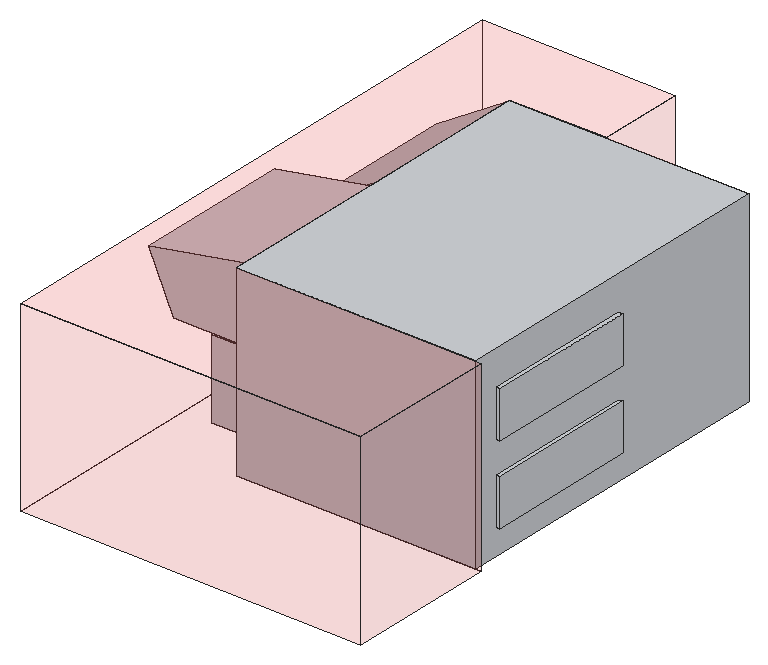
Revit family
Parameters (values of type "208 V Three Phase")
  Weight Scheduled [instance] = 965  # constant formula
  Voltage Workaround = Voltage / 1 V  # 208
  Voltage Scheduled = Voltage  # 208 V
  Voltage = 208 V
  VoltAmps Workaround [instance] = Voltage Workaround * Total FLA * sqrt(Phase)  # 10447.7305
  VoltAmps [instance] = VoltAmps Workaround * 1 VA  # 10447.7 VA
  VFD [instance] = no
  URL = "http://www.renewaire.com/_assets/files/SubmittalForms/HE4XRTCSubmittal.pdf"
  Total FLA [instance] = if(or(Supply Motor FLA = 0, Exhaust Motor FLA = 0), 0, (Supply Motor FLA * Supply Motor Count) + (Exhaust Motor FLA * Exhaust Motor Count))  # 29
  Supply Motor RPM Scheduled [instance] = Supply Motor RPM  # 1495
  Supply Motor RPM [instance] = if(and(or(Supply ESP = -0.75, Supply ESP > -0.75), Supply ESP < -0.5), if(Supply CFM > 3920 CFM, 0, if(Supply CFM > 3790 CFM, 1660, if(Supply CFM > 3724 CFM, 1605, if(Supply CFM > 3680 CFM, 1550, 1495)))), if(and(or(Supply ESP = -0.5, Supply ESP > -0.5), Supply ESP < -0.25), if(Supply CFM > 3760 CFM, 0, if(Supply CFM > 3670 CFM, 1660, if(Supply CFM > 3582 CFM, 1605, if(Supply CFM > 3500 CFM, 1550, 1495)))), if(and(or(Supply ESP = -0.25, Supply ESP > -0.25), Supply ESP < 0), if(Supply CFM > 3600 CFM, 0, if(Supply CFM > 3550 CFM, 1660, if(Supply CFM > 3440 CFM, 1605, if(Supply CFM > 3320 CFM, 1550, 1495)))), if(and(or(Supply ESP = 0, Supply ESP > 0), Supply ESP < 0.25), if(Supply CFM > 3450 CFM, 0, if(Supply CFM > 3360 CFM, 1715, if(Supply CFM > 3270 CFM, 1660, if(Supply CFM > 3190 CFM, 1605, if(Supply CFM > 3100 CFM, 1550, 1495))))), if(and(or(Supply ESP = 0.25, Supply ESP > 0.25), Supply ESP < 0.5), if(Supply CFM > 3275 CFM, 0, if(Supply CFM > 3180 CFM, 1715, if(Supply CFM > 3090 CFM, 1660, if(Supply CFM > 3010 CFM, 1605, if(Supply CFM > 2910 CFM, 1550, 1495))))), if(and(or(Supply ESP = 0.5, Supply ESP > 0.5), Supply ESP < 0.75), if(Supply CFM > 3225 CFM, 0, if(Supply CFM > 3140 CFM, 1770, if(Supply CFM > 3060 CFM, 1715, if(Supply CFM > 2970 CFM, 1660, if(Supply CFM > 2890 CFM, 1605, if(Supply CFM > 2790 CFM, 1550, 1495)))))), if(Supply ESP = 0.75, if(Supply CFM > 3245 CFM, 0, if(Supply CFM > 3125 CFM, 1825, if(Supply CFM > 3005 CFM, 1770, if(Supply CFM > 2940 CFM, 1715, if(Supply CFM > 2850 CFM, 1660, if(Supply CFM > 2770 CFM, 1605, if(Supply CFM > 2670 CFM, 1550, 1495))))))), 0)))))))  # 1495
  Supply Motor HP Scheduled [instance] = Supply Motor HP  # 5
  Supply Motor HP [instance] = 5  # constant formula
  Supply Motor FLA [instance] = if(Supply Motor BHP = 0, 0, if(Supply Motor HP = 5, if(and(or(Voltage = 208 V, Voltage = 230 V), Phase = 3), 14.5, if(and(Voltage = 460 V, Phase = 3), 6.7, if(and(Voltage = 575 V, Phase = 3), 5.3, 0))), 0))  # 14.5
  Supply Motor Count Scheduled [instance] = Supply Motor Count  # 1
  Supply Motor Count [instance] = 1  # constant formula
  Supply Motor BHP [instance] = if(and(or(Supply ESP = -0.75, Supply ESP > -0.75), Supply ESP < -0.5), if(Supply CFM > 3920 CFM, 0, if(Supply CFM > 3790 CFM, 5, if(Supply CFM > 3724 CFM, 4.6, if(Supply CFM > 3680 CFM, 4.2, 4.2)))), if(and(or(Supply ESP = -0.5, Supply ESP > -0.5), Supply ESP < -0.25), if(Supply CFM > 3760 CFM, 0, if(Supply CFM > 3670 CFM, 5, if(Supply CFM > 3582 CFM, 4.6, if(Supply CFM > 3500 CFM, 4.3, 4.1)))), if(and(or(Supply ESP = -0.25, Supply ESP > -0.25), Supply ESP < 0), if(Supply CFM > 3600 CFM, 0, if(Supply CFM > 3550 CFM, 4.7, if(Supply CFM > 3440 CFM, 4.7, if(Supply CFM > 3320 CFM, 4.5, 3.9)))), if(and(or(Supply ESP = 0, Supply ESP > 0), Supply ESP < 0.25), if(Supply CFM > 3450 CFM, 0, if(Supply CFM > 3360 CFM, 4.8, if(Supply CFM > 3270 CFM, 4.5, if(Supply CFM > 3190 CFM, 4.1, if(Supply CFM > 3100 CFM, 3.6, 3.5))))), if(and(or(Supply ESP = 0.25, Supply ESP > 0.25), Supply ESP < 0.5), if(Supply CFM > 3275 CFM, 0, if(Supply CFM > 3180 CFM, 4.6, if(Supply CFM > 3090 CFM, 4.1, if(Supply CFM > 3010 CFM, 3.7, if(Supply CFM > 2910 CFM, 3.4, 2.9))))), if(and(or(Supply ESP = 0.5, Supply ESP > 0.5), Supply ESP < 0.75), if(Supply CFM > 3225 CFM, 0, if(Supply CFM > 3140 CFM, 4.9, if(Supply CFM > 3060 CFM, 4.5, if(Supply CFM > 2970 CFM, 4, if(Supply CFM > 2890 CFM, 3.7, if(Supply CFM > 2790 CFM, 3.3, 2.8)))))), if(Supply ESP = 0.75, if(Supply CFM > 3245 CFM, 0, if(Supply CFM > 3125 CFM, 5, if(Supply CFM > 3005 CFM, 4.6, if(Supply CFM > 2940 CFM, 4.3, if(Supply CFM > 2850 CFM, 3.9, if(Supply CFM > 2770 CFM, 3.7, if(Supply CFM > 2670 CFM, 3.3, 2.8))))))), 0)))))))  # 3.5
  Supply ESP Scheduled [instance] = Supply ESP  # 0
  Supply ESP [instance] = 0
  Supply CFM Scheduled [instance] = Supply CFM  # 0 CFM
  Supply CFM [instance] = 0 CFM
  Supply Air Winter RH Scheduled [instance] = 0
  Supply Air Winter DB Scheduled [instance] = 0
  Supply Air Summer RH Scheduled [instance] = 0
  Supply Air Summer DB Scheduled [instance] = 0
  Phase Scheduled = Phase  # 3
  Phase = 3
  Outside Air Winter RH Scheduled [instance] = 0
  Outside Air Winter DB Scheduled [instance] = 0
  Outside Air Summer RH Scheduled [instance] = 0
  Outside Air Summer DB Scheduled [instance] = 0
  Number of Poles = 3
  Model = "HE4XRTC"
  Manufacturer = "RenewAire"
  MOCP Scheduled [instance] = MOCP  # 45
  MOCP [instance] = if(Total FLA = 0, 0, if(and(or(Voltage = 208 V, Voltage = 230 V), Phase = 3), 45, if(and(Voltage = 460 V, Phase = 3), 20, if(and(Voltage = 575 V, Phase = 3), 15, 0))))  # 45
  MCA Scheduled [instance] = MCA  # 32.6
  MCA [instance] = if(VFD, if(Total FLA = 0, 0, if(and(or(Voltage = 208 V, Voltage = 230 V), Phase = 3), 35.9, if(and(Voltage = 460 V, Phase = 3), 16.6, if(and(Voltage = 575 V, Phase = 3), 13.1, 0)))), if(Total FLA = 0, 0, if(and(or(Voltage = 208 V, Voltage = 230 V), Phase = 3), 32.6, if(and(Voltage = 460 V, Phase = 3), 15.1, if(and(Voltage = 575 V, Phase = 3), 11.9, 0)))))  # 32.6
  FLA Scheduled [instance] = Total FLA  # 29
  Exhaust RH Scheduled [instance] = 0
  Exhaust Motor RPM Scheduled [instance] = Exhaust Motor RPM  # 1240
  Exhaust Motor RPM [instance] = if(and(or(Exhaust ESP = -0.75, Exhaust ESP > -0.75), Exhaust ESP < -0.5), if(Exhaust CFM > 3400 CFM, 0, if(Exhaust CFM > 3275 CFM, 1510, if(Exhaust CFM > 3125 CFM, 1465, if(Exhaust CFM > 2935 CFM, 1420, if(Exhaust CFM > 2780 CFM, 1375, if(Exhaust CFM > 2685 CFM, 1330, if(Exhaust CFM > 2620 CFM, 1285, 1240))))))), if(and(or(Exhaust ESP = -0.5, Exhaust ESP > -0.5), Exhaust ESP < -0.25), if(Exhaust CFM > 3700 CFM, 0, if(Exhaust CFM > 3600 CFM, 1510, if(Exhaust CFM > 3450 CFM, 1465, if(Exhaust CFM > 3300 CFM, 1420, if(Exhaust CFM > 3150 CFM, 1375, if(Exhaust CFM > 3050 CFM, 1330, if(Exhaust CFM > 2950 CFM, 1285, 1240))))))), if(and(or(Exhaust ESP = -0.25, Exhaust ESP > -0.25), Exhaust ESP < 0), if(Exhaust CFM > 4000 CFM, 0, if(Exhaust CFM > 3925 CFM, 1510, if(Exhaust CFM > 3775 CFM, 1465, if(Exhaust CFM > 3665 CFM, 1420, if(Exhaust CFM > 3520 CFM, 1375, if(Exhaust CFM > 3415 CFM, 1330, if(Exhaust CFM > 3280 CFM, 1285, 1240))))))), if(and(or(Exhaust ESP = 0, Exhaust ESP > 0), Exhaust ESP < 0.25), if(Exhaust CFM > 4250 CFM, 0, if(Exhaust CFM > 4225 CFM, 1510, if(Exhaust CFM > 4156 CFM, 1465, if(Exhaust CFM > 4067 CFM, 1420, if(Exhaust CFM > 3900 CFM, 1375, if(Exhaust CFM > 3760 CFM, 1330, if(Exhaust CFM > 3600 CFM, 1285, 1240))))))), if(and(or(Exhaust ESP = 0.25, Exhaust ESP > 0.25), Exhaust ESP < 0.5), if(Exhaust CFM > 4000 CFM, 0, if(Exhaust CFM > 3925 CFM, 1510, if(Exhaust CFM > 3775 CFM, 1465, if(Exhaust CFM > 3665 CFM, 1420, if(Exhaust CFM > 3520 CFM, 1375, if(Exhaust CFM > 3415 CFM, 1330, if(Exhaust CFM > 3280 CFM, 1285, 1240))))))), if(and(or(Exhaust ESP = 0.5, Exhaust ESP > 0.5), Exhaust ESP < 0.75), if(Exhaust CFM > 3700 CFM, 0, if(Exhaust CFM > 3600 CFM, 1510, if(Exhaust CFM > 3450 CFM, 1465, if(Exhaust CFM > 3300 CFM, 1420, if(Exhaust CFM > 3150 CFM, 1375, if(Exhaust CFM > 3050 CFM, 1330, if(Exhaust CFM > 2950 CFM, 1285, 1240))))))), if(Exhaust ESP = 0.75, if(Exhaust CFM > 3400 CFM, 0, if(Exhaust CFM > 3275 CFM, 1510, if(Exhaust CFM > 3125 CFM, 1465, if(Exhaust CFM > 2935 CFM, 1420, if(Exhaust CFM > 2780 CFM, 1375, if(Exhaust CFM > 2685 CFM, 1330, if(Exhaust CFM > 2620 CFM, 1285, 1240))))))), 0)))))))  # 1240
  Exhaust Motor HP Scheduled [instance] = Exhaust Motor HP  # 5
  Exhaust Motor HP [instance] = 5  # constant formula
  Exhaust Motor FLA [instance] = if(Exhaust Motor BHP = 0, 0, if(Exhaust Motor HP = 5, if(and(or(Voltage = 208 V, Voltage = 230 V), Phase = 3), 14.5, if(and(Voltage = 460 V, Phase = 3), 6.7, if(and(Voltage = 575 V, Phase = 3), 5.3, 0))), 0))  # 14.5
  Exhaust Motor Count Scheduled [instance] = Exhaust Motor Count  # 1
  Exhaust Motor Count [instance] = 1  # constant formula
  Exhaust Motor BHP [instance] = if(and(or(Exhaust ESP = -0.75, Exhaust ESP > -0.75), Exhaust ESP < -0.5), if(Exhaust CFM > 3400 CFM, 0, if(Exhaust CFM > 3275 CFM, 3.1, if(Exhaust CFM > 3125 CFM, 3, if(Exhaust CFM > 2935 CFM, 2.8, if(Exhaust CFM > 2780 CFM, 2, if(Exhaust CFM > 2685 CFM, 2, if(Exhaust CFM > 2620 CFM, 1.6, 1.4))))))), if(and(or(Exhaust ESP = -0.5, Exhaust ESP > -0.5), Exhaust ESP < -0.25), if(Exhaust CFM > 3700 CFM, 0, if(Exhaust CFM > 3600 CFM, 3.3, if(Exhaust CFM > 3450 CFM, 3.2, if(Exhaust CFM > 3300 CFM, 2.9, if(Exhaust CFM > 3150 CFM, 2.5, if(Exhaust CFM > 3050 CFM, 2.3, if(Exhaust CFM > 2950 CFM, 2, 1.7))))))), if(and(or(Exhaust ESP = -0.25, Exhaust ESP > -0.25), Exhaust ESP < 0), if(Exhaust CFM > 4000 CFM, 0, if(Exhaust CFM > 3925 CFM, 3.6, if(Exhaust CFM > 3775 CFM, 3.4, if(Exhaust CFM > 3665 CFM, 3, if(Exhaust CFM > 3520 CFM, 2.8, if(Exhaust CFM > 3415 CFM, 2.5, if(Exhaust CFM > 3280 CFM, 2.4, 2))))))), if(and(or(Exhaust ESP = 0, Exhaust ESP > 0), Exhaust ESP < 0.25), if(Exhaust CFM > 4250 CFM, 0, if(Exhaust CFM > 4225 CFM, 4.1, if(Exhaust CFM > 4156 CFM, 3.8, if(Exhaust CFM > 4067 CFM, 3.6, if(Exhaust CFM > 3900 CFM, 3.4, if(Exhaust CFM > 3760 CFM, 3.1, if(Exhaust CFM > 3600 CFM, 2.8, 2.4))))))), if(and(or(Exhaust ESP = 0.25, Exhaust ESP > 0.25), Exhaust ESP < 0.5), if(Exhaust CFM > 4000 CFM, 0, if(Exhaust CFM > 3925 CFM, 3.6, if(Exhaust CFM > 3775 CFM, 3.4, if(Exhaust CFM > 3665 CFM, 3, if(Exhaust CFM > 3520 CFM, 2.8, if(Exhaust CFM > 3415 CFM, 2.4, if(Exhaust CFM > 3280 CFM, 2.4, 2))))))), if(and(or(Exhaust ESP = 0.5, Exhaust ESP > 0.5), Exhaust ESP < 0.75), if(Exhaust CFM > 3700 CFM, 0, if(Exhaust CFM > 3600 CFM, 3.3, if(Exhaust CFM > 3450 CFM, 3.2, if(Exhaust CFM > 3300 CFM, 2.9, if(Exhaust CFM > 3150 CFM, 2.5, if(Exhaust CFM > 3050 CFM, 2.3, if(Exhaust CFM > 2950 CFM, 2, 1.7))))))), if(Exhaust ESP = 0.75, if(Exhaust CFM > 3400 CFM, 0, if(Exhaust CFM > 3275 CFM, 3.1, if(Exhaust CFM > 3125 CFM, 3, if(Exhaust CFM > 2935 CFM, 2.3, if(Exhaust CFM > 2780 CFM, 2.3, if(Exhaust CFM > 2685 CFM, 2, if(Exhaust CFM > 2620 CFM, 1.6, 1.4))))))), 0)))))))  # 2.4
  Exhaust ESP Scheduled [instance] = Exhaust ESP  # 0
  Exhaust ESP [instance] = 0
  Exhaust DB Scheduled [instance] = 0
  Exhaust CFM Scheduled [instance] = Exhaust CFM  # 0 CFM
  Exhaust CFM [instance] = 0 CFM
  Enthalpy Effect Winter Scheduled [instance] = 0
  Enthalpy Effect Summer Scheduled [instance] = 0
Types (5): name | Voltage Workaround | Voltage Scheduled | Voltage | VoltAmps Workaround | VoltAmps | VFD | Total FLA | Supply Motor FLA | MOCP Scheduled | MOCP | MCA Scheduled | MCA | FLA Scheduled | Exhaust Motor FLA
  (no name) | 208 | 208 V | 208 V | 10447.7305 | 10447.7 VA | no | 29 | 14.5 | 45 | 45 | 32.6 | 32.6 | 29 | 14.5
  208 V Three Phase | 208 | 208 V | 208 V | 10447.7305 | 10447.7 VA | no | 29 | 14.5 | 45 | 45 | 32.6 | 32.6 | 29 | 14.5
  230 V Three Phase | 230 | 230 V | 230 V | 11552.7789 | 11552.8 VA | yes | 29 | 14.5 | 45 | 45 | 35.9 | 35.9 | 29 | 14.5
  460 V Three Phase | 460 | 460 V | 460 V | 10676.3612 | 10676.4 VA | yes | 13.4 | 6.7 | 20 | 20 | 16.6 | 16.6 | 13.4 | 6.7
  575 V Three Phase | 575 | 575 V | 575 V | 10556.8497 | 10556.8 VA | yes | 10.6 | 5.3 | 15 | 15 | 13.1 | 13.1 | 10.6 | 5.3
Reference planes (in)
  plane 1 "Center (Front/Back)": y = 0
  plane 2: z = 0
  plane 3 "Center (Left/Right)": x = 0
Forms (in)
  Extrusion 1, solid
    sketch origin (0, 0, 0) x (1, 0, 0) y (0, 1, 0)
      loop
        line (-28.75, 40.875) -> (-28.75, -41.375) -> (28.75, -41.375) -> (28.75, 40.875) -> (-28.75, 40.875)
    from 0 to 45
  Extrusion 2, solid
    sketch origin (28.75, 43.26648, 0) x (0, -1, 0) y (0, 0, -1)
      loop
        line (78.64148, -36.75) -> (78.64148, -25.5) -> (41.64148, -25.5) -> (41.64148, -36.75) -> (78.64148, -36.75)
      loop
        line (78.64148, -17.75) -> (78.64148, -6.5) -> (41.64148, -6.5) -> (41.64148, -17.75) -> (78.64148, -17.75)
    from 0 to 1
  Extrusion 3, solid
    sketch origin (0, 0, 0) x (1, 0, 0) y (0, 0, 1)
      loop
        line (-46, 27) -> (-28.75, 27) -> (-28.75, 45) -> (-52, 40.48066) -> (-46, 27)
    from 1 to 39
  Extrusion 4, solid
    sketch origin (0, 0, 0) x (1, 0, 0) y (0, 0, 1)
      loop
        line (-28.75, 1) -> (-28.75, 45) -> (-45.75, 34.37722) -> (-28.75, 1)
    from -40 to -1
  Extrusion 5, solid
    sketch origin (0, -0.5, 0) x (1, 0, 0) y (0, 1, 0)
      loop
        line (30.25, -40.875) -> (-28.75, -40.875) -> (-28.75, 41.375) -> (-5.5, 41.375) -> (-5.5, 62.25) -> (-52, 62.25) -> (-52, -77.25) -> (30.25, -77.25) -> (30.25, -40.875)
    from 0 to 45
  Extrusion 6, solid
    sketch origin (0, 0, 0) x (1, 0, 0) y (0, 1, 0)
      loop
        line (-28.75, -34) -> (-28.75, -29.5) -> (-40.75, -29.5) -> (-40.75, -34) -> (-28.75, -34)
    from 4 to 23
Cuts and joins
  joined: Extrusion 1, Extrusion 2, Extrusion 3, Extrusion 4
Lines and regions (in)
  model lines
    curve 1: line (25, 40.875, 0) -> (25, -41.375, 0)
Dimensions and locks (in)
  cut or joined group of Extrusion 1, Extrusion 2, Extrusion 3, Extrusion 4 to cut or joined group of Extrusion 1, Extrusion 2, Extrusion 3, Extrusion 4 = 6' - 8 3/4"
  cut or joined group of Extrusion 1, Extrusion 2, Extrusion 3, Extrusion 4 to cut or joined group of Extrusion 1, Extrusion 2, Extrusion 3, Extrusion 4 = 4' - 9 1/2"
Connectors (in)
  hvac at (29.75, -16.875, 31.125), driven by "Supply CFM"
    settings: on Extrusion 2, index 1, duct flow 0 CFM, flow factor 0, pres drop 0.00 in-wg, loss coef 0, conn angle 0.00°, conn width 37", conn height 11 1/4", conn radius 12", duct sys type 1, conn prof type 1, flow config 0, flow direction 2, loss method 0, conn ref index -1, conn util no, is conn primary yes, conn desc ""
  hvac at (29.75, -16.875, 12.125), driven by "Exhaust CFM"
    settings: on Extrusion 2, index 2, duct flow 0 CFM, flow factor 0, pres drop 0.00 in-wg, loss coef 0, conn angle 0.00°, conn width 37", conn height 11 1/4", conn radius 12", duct sys type 3, conn prof type 1, flow config 0, flow direction 1, loss method 0, conn ref index -1, conn util no, is conn primary no, conn desc ""
  electrical at (-40.75, -31.75, 13.5), driven by "VoltAmps", driven by "Voltage Scheduled", driven by "Number of Poles"
    settings: on Extrusion 6, index 3, voltage 208 V, apparent load 10447.7 VA, apparent load phase1 0 VA, apparent load phase2 0 VA, apparent load phase3 0 VA, power factor 1, load classification "HVAC", number of poles 3, system type 30, power factor state 1, is connector primary yes, connector utility no, sub classification motor no, connector description ""
